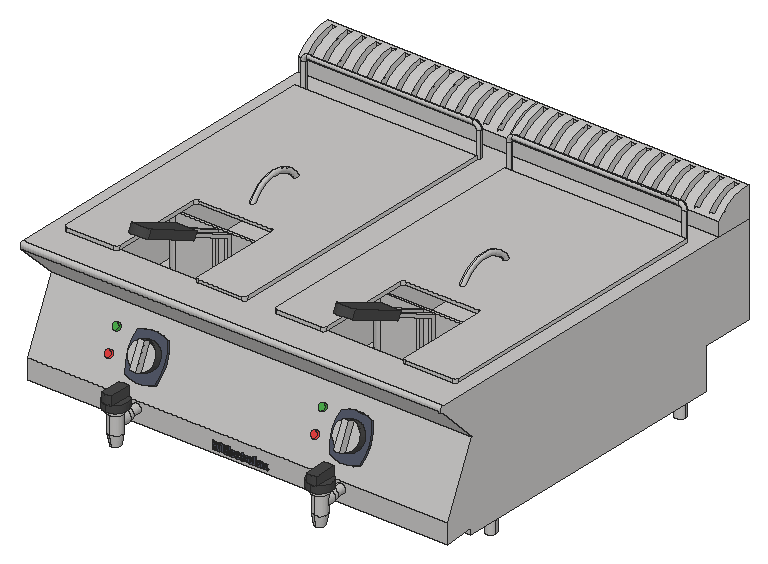
Revit family "QF_ELECTROLUXPROFESSIONAL_371076_E7FREH2B00", category Specialty Equipment, Revit 2018 (continued)
Automatic sketch dimensions
  Extrusion 30 sketch curve to Extrusion 30 sketch curve = 57.15 mm
  plane 1 "BACK" to Extrusion 31 sketch curve = 6.761 mm
  plane 3 "LEFT" to Extrusion 31 sketch curve = 50.591 mm
  Extrusion 31 sketch curve to Extrusion 31 sketch curve = 9.296 mm
  Extrusion 31 sketch curve to Extrusion 31 sketch curve = 57.15 mm
  plane 1 "BACK" to Extrusion 32 sketch curve = 6.761 mm
  plane 3 "LEFT" to Extrusion 32 sketch curve = 78.433 mm
  Extrusion 32 sketch curve to Extrusion 32 sketch curve = 9.296 mm
  Extrusion 32 sketch curve to Extrusion 32 sketch curve = 57.15 mm
  plane 1 "BACK" to Extrusion 33 sketch curve = 6.761 mm
  plane 3 "LEFT" to Extrusion 33 sketch curve = 106.275 mm
  Extrusion 33 sketch curve to Extrusion 33 sketch curve = 9.296 mm
  Extrusion 33 sketch curve to Extrusion 33 sketch curve = 57.15 mm
  plane 1 "BACK" to Extrusion 34 sketch curve = 6.761 mm
  plane 3 "LEFT" to Extrusion 34 sketch curve = 134.118 mm
  Extrusion 34 sketch curve to Extrusion 34 sketch curve = 9.296 mm
  Extrusion 34 sketch curve to Extrusion 34 sketch curve = 57.15 mm
  plane 1 "BACK" to Extrusion 35 sketch curve = 6.761 mm
  plane 3 "LEFT" to Extrusion 35 sketch curve = 161.96 mm
  Extrusion 35 sketch curve to Extrusion 35 sketch curve = 9.296 mm
  Extrusion 35 sketch curve to Extrusion 35 sketch curve = 57.15 mm
  plane 1 "BACK" to Extrusion 36 sketch curve = 6.761 mm
  plane 3 "LEFT" to Extrusion 36 sketch curve = 189.802 mm
  Extrusion 36 sketch curve to Extrusion 36 sketch curve = 9.296 mm
  Extrusion 36 sketch curve to Extrusion 36 sketch curve = 57.15 mm
  plane 1 "BACK" to Extrusion 37 sketch curve = 6.761 mm
  Extrusion 37 sketch curve to plane 7 "Center Y" = 182.405 mm
  Extrusion 37 sketch curve to Extrusion 37 sketch curve = 9.296 mm
  Extrusion 37 sketch curve to Extrusion 37 sketch curve = 57.15 mm
  plane 1 "BACK" to Extrusion 38 sketch curve = 6.761 mm
  Extrusion 38 sketch curve to plane 7 "Center Y" = 154.563 mm
  Extrusion 38 sketch curve to Extrusion 38 sketch curve = 9.296 mm
  Extrusion 38 sketch curve to Extrusion 38 sketch curve = 57.15 mm
  plane 1 "BACK" to Extrusion 39 sketch curve = 6.761 mm
  Extrusion 39 sketch curve to plane 7 "Center Y" = 126.721 mm
  Extrusion 39 sketch curve to Extrusion 39 sketch curve = 9.296 mm
  Extrusion 39 sketch curve to Extrusion 39 sketch curve = 57.15 mm
  plane 1 "BACK" to Extrusion 40 sketch curve = 6.761 mm
  Extrusion 40 sketch curve to plane 7 "Center Y" = 98.878 mm
  Extrusion 40 sketch curve to Extrusion 40 sketch curve = 9.296 mm
  Extrusion 40 sketch curve to Extrusion 40 sketch curve = 57.15 mm
  plane 1 "BACK" to Extrusion 41 sketch curve = 6.761 mm
  Extrusion 41 sketch curve to plane 7 "Center Y" = 71.036 mm
  Extrusion 41 sketch curve to Extrusion 41 sketch curve = 9.296 mm
  Extrusion 41 sketch curve to Extrusion 41 sketch curve = 57.15 mm
  plane 1 "BACK" to Extrusion 42 sketch curve = 6.761 mm
  Extrusion 42 sketch curve to plane 7 "Center Y" = 43.194 mm
  Extrusion 42 sketch curve to Extrusion 42 sketch curve = 9.296 mm
  Extrusion 42 sketch curve to Extrusion 42 sketch curve = 57.15 mm
  Extrusion 44 sketch curve to plane 1 "BACK" = 6.761 mm
  Extrusion 44 sketch curve to plane 7 "Center Y" = 15.351 mm
  Extrusion 44 sketch curve to Extrusion 44 sketch curve = 9.296 mm
  Extrusion 44 sketch curve to Extrusion 44 sketch curve = 57.15 mm
  Extrusion 51 sketch curve to plane 1 "BACK" = 6.761 mm
  Extrusion 51 sketch curve to plane 7 "Center Y" = 182.405 mm
  Extrusion 51 sketch curve to Extrusion 51 sketch curve = 9.296 mm
  Extrusion 51 sketch curve to Extrusion 51 sketch curve = 57.15 mm
  Extrusion 52 sketch curve to plane 1 "BACK" = 6.761 mm
  Extrusion 52 sketch curve to plane 7 "Center Y" = 154.563 mm
  Extrusion 52 sketch curve to Extrusion 52 sketch curve = 9.296 mm
  Extrusion 52 sketch curve to Extrusion 52 sketch curve = 57.15 mm
  Extrusion 53 sketch curve to plane 1 "BACK" = 6.761 mm
  Extrusion 53 sketch curve to plane 7 "Center Y" = 126.721 mm
  Extrusion 53 sketch curve to Extrusion 53 sketch curve = 9.296 mm
  Extrusion 53 sketch curve to Extrusion 53 sketch curve = 57.15 mm
  Extrusion 54 sketch curve to plane 1 "BACK" = 6.761 mm
  Extrusion 54 sketch curve to plane 7 "Center Y" = 98.878 mm
  Extrusion 54 sketch curve to Extrusion 54 sketch curve = 9.296 mm
  Extrusion 54 sketch curve to Extrusion 54 sketch curve = 57.15 mm
  Extrusion 55 sketch curve to plane 1 "BACK" = 6.761 mm
  Extrusion 55 sketch curve to plane 7 "Center Y" = 71.036 mm
  Extrusion 55 sketch curve to Extrusion 55 sketch curve = 9.296 mm
  Extrusion 55 sketch curve to Extrusion 55 sketch curve = 57.15 mm
  Extrusion 56 sketch curve to plane 1 "BACK" = 6.761 mm
  Extrusion 56 sketch curve to plane 7 "Center Y" = 43.194 mm
  Extrusion 56 sketch curve to Extrusion 56 sketch curve = 9.296 mm
  Extrusion 56 sketch curve to Extrusion 56 sketch curve = 57.15 mm
  plane 7 "Center Y" to Extrusion 57 sketch curve = 1.588 mm
  Extrusion 57 sketch curve to plane 7 "Center Y" = 1.587 mm
  Extrusion 57 sketch curve to plane 1 "BACK" = 0 mm
  Extrusion 57 sketch curve to Extrusion 57 sketch curve = 69.85 mm
  Extrusion 1 sketch curve to plane 10 "TOP A" = 0 mm
  Extrusion 1 sketch curve to plane 9 "BASE" = 0 mm
  Extrusion 1 sketch curve to plane 1 "BACK" = 0 mm
  Extrusion 1 sketch curve to plane 12 = 46.038 mm
  plane 11 to Extrusion 1 sketch curve = 59.531 mm
  plane 9 "BASE" to Extrusion 1 sketch curve = 12.7 mm
  plane 11 to Extrusion 1 sketch curve = 62.516 mm
  Extrusion 1 sketch curve to plane 5 "FRONT" = 16.478 mm
  Extrusion 1 sketch curve to plane 5 "FRONT" = 4.973 mm
  Extrusion 1 sketch curve to plane 5 "FRONT" = 0.483 mm
  plane 9 "BASE" to Extrusion 1 sketch curve = 7.09 mm
  Extrusion 1 sketch curve to Extrusion 1 sketch curve = 38.1 mm
  plane 9 "BASE" to Extrusion 1 sketch curve = 77.788 mm
  Extrusion 1 sketch curve to plane 10 "TOP A" = 83.191 mm
  Extrusion 1 sketch curve to plane 10 "TOP A" = 10.84 mm
  Extrusion 2 sketch curve to plane 10 "TOP A" = 0 mm
  Extrusion 2 sketch curve to plane 1 "BACK" = 0 mm
  Extrusion 2 sketch curve to plane 6 "TOP" = 0 mm
  plane 1 "BACK" to Extrusion 2 sketch curve = 1.769 mm
  plane 10 "TOP A" to Extrusion 2 sketch curve = 25.4 mm
  plane 1 "BACK" to Extrusion 2 sketch curve = 69.85 mm
  plane 12 to Extrusion 3 sketch curve = 0.124 mm  (x2)
  Extrusion 3 sketch curve to plane 4 "RIGHT" = 33.338 mm
  plane 7 "Center Y" to Extrusion 3 sketch curve = 26.988 mm
  Extrusion 3 sketch curve to plane 7 "Center Y" = 26.988 mm
  plane 3 "LEFT" to Extrusion 3 sketch curve = 33.338 mm
  plane 11 to Extrusion 3 sketch curve = 57.877 mm
  Extrusion 3 sketch curve to Extrusion 3 sketch curve = 0 mm
  plane 11 to Extrusion 5 sketch curve = 0 mm  (x2)
  plane 12 to Extrusion 5 sketch curve = 0 mm  (x2)
  plane 3 "LEFT" to Extrusion 5 sketch curve = 11.112 mm  (x2)
  Extrusion 5 sketch curve to plane 4 "RIGHT" = 11.113 mm  (x2)
  Extrusion 6 sketch curve to Extrusion 1 = 31.333 mm  (x4)
  Extrusion 6 sketch curve to Extrusion 6 sketch curve = 12.3 mm  (x6)
  Extrusion 6 sketch curve to Extrusion 6 sketch curve = 34.925 mm  (x4)
  Extrusion 1 to Extrusion 6 sketch curve = 44.467 mm  (x2)
  Extrusion 1 to Extrusion 6 sketch curve = 151.335 mm
  Extrusion 6 sketch curve to Extrusion 6 sketch curve = 25.727 mm  (x4)
  Extrusion 6 sketch curve to Extrusion 6 sketch curve = 28.575 mm  (x2)
  Extrusion 1 to Extrusion 6 sketch curve = 259.942 mm
  Extrusion 7 sketch curve to Extrusion 7 sketch curve = 0 mm
  Extrusion 7 sketch curve to Extrusion 7 sketch curve = 388.937 mm
  Extrusion 8 sketch curve to Extrusion 8 sketch curve = 24.732 mm  (x2)
  Extrusion 8 sketch curve to Extrusion 8 sketch curve = 0 mm  (x2)
  Extrusion 1 to Extrusion 9 sketch curve = 39.678 mm  (x2)
  Extrusion 1 to Extrusion 9 sketch curve = 269.515 mm
  Extrusion 1 to Extrusion 9 sketch curve = 138.473 mm
  Extrusion 10 sketch curve to Extrusion 1 = 50.809 mm  (x2)
  Extrusion 1 to Extrusion 10 sketch curve = 269.515 mm
  Extrusion 1 to Extrusion 10 sketch curve = 138.473 mm
  Revolve 11 sketch curve to plane 9 "BASE" = 8.123 mm
  plane 5 "FRONT" to Revolve 11 sketch curve = 32.926 mm
  Revolve 11 sketch curve to Revolve 11 sketch curve = 0 mm
  Revolve 11 sketch curve to Revolve 11 sketch curve = 9.009 mm
  plane 5 "FRONT" to Revolve 11 sketch curve = 20.301 mm
  Revolve 11 sketch curve to Revolve 11 sketch curve = 3.277 mm
  Revolve 11 sketch curve to Revolve 11 sketch curve = 6.35 mm
  plane 9 "BASE" to Revolve 11 sketch curve = 12.388 mm
  Revolve 11 sketch curve to Revolve 11 sketch curve = 36.341 mm
  Revolve 11 sketch curve to Revolve 11 sketch curve = 7.879 mm
  Revolve 11 sketch curve to Revolve 11 sketch curve = 12.7 mm  (x2)
  Revolve 11 sketch curve to Revolve 11 sketch curve = 15.064 mm
  plane 5 "FRONT" to Revolve 12 sketch curve = 34.322 mm
  plane 5 "FRONT" to Revolve 12 sketch curve = 12.357 mm
  plane 5 "FRONT" to Revolve 12 sketch curve = 3.364 mm
  Revolve 12 sketch curve to plane 5 "FRONT" = 16.478 mm
  Revolve 12 sketch curve to Revolve 12 sketch curve = 0 mm  (x2)
  Revolve 12 sketch curve to Revolve 12 sketch curve = 9.137 mm
  plane 9 "BASE" to Revolve 12 sketch curve = 19.447 mm
  Revolve 12 sketch curve to Revolve 12 sketch curve = 1.702 mm
  Revolve 12 sketch curve to Revolve 12 sketch curve = 2.047 mm
  Revolve 12 sketch curve to Revolve 12 sketch curve = 12.303 mm
  Revolve 13 sketch curve to plane 9 "BASE" = 8.123 mm
  plane 5 "FRONT" to Revolve 13 sketch curve = 32.926 mm
  Revolve 13 sketch curve to Revolve 13 sketch curve = 0 mm
  Revolve 13 sketch curve to Revolve 13 sketch curve = 9.009 mm
  plane 5 "FRONT" to Revolve 13 sketch curve = 20.301 mm
  Revolve 13 sketch curve to Revolve 13 sketch curve = 3.277 mm
  Revolve 13 sketch curve to Revolve 13 sketch curve = 6.35 mm
  plane 9 "BASE" to Revolve 13 sketch curve = 12.388 mm
  Revolve 13 sketch curve to Revolve 13 sketch curve = 36.341 mm
  Revolve 13 sketch curve to Revolve 13 sketch curve = 7.879 mm
  Revolve 13 sketch curve to Revolve 13 sketch curve = 12.7 mm  (x2)
  Revolve 13 sketch curve to Revolve 13 sketch curve = 15.064 mm
  plane 5 "FRONT" to Revolve 14 sketch curve = 34.322 mm
  plane 5 "FRONT" to Revolve 14 sketch curve = 12.357 mm
  plane 5 "FRONT" to Revolve 14 sketch curve = 3.364 mm
  Revolve 14 sketch curve to plane 5 "FRONT" = 16.478 mm
  Revolve 14 sketch curve to Revolve 14 sketch curve = 0 mm  (x2)
  Revolve 14 sketch curve to Revolve 14 sketch curve = 9.137 mm
  plane 9 "BASE" to Revolve 14 sketch curve = 19.447 mm
  Revolve 14 sketch curve to Revolve 14 sketch curve = 1.702 mm
  Revolve 14 sketch curve to Revolve 14 sketch curve = 2.047 mm
  Revolve 14 sketch curve to Revolve 14 sketch curve = 12.303 mm
  Extrusion 15 sketch curve to Extrusion 15 sketch curve = 0 mm  (x5)
  Extrusion 15 sketch curve to Extrusion 15 sketch curve = 20.063 mm  (x2)
  Revolve 11 to Extrusion 15 sketch curve = 9.626 mm
  Extrusion 15 sketch curve to Revolve 11 = 9.626 mm
  Extrusion 15 sketch curve to Extrusion 15 sketch curve = 369.686 mm
  Extrusion 15 sketch curve to Extrusion 15 sketch curve = 9.626 mm
  Extrusion 1 to Extrusion 16 sketch curve = 33.906 mm
  plane 1 "BACK" to Extrusion 17 sketch curve = 0 mm
  Extrusion 17 sketch curve to plane 3 "LEFT" = 0 mm
  Extrusion 17 sketch curve to plane 4 "RIGHT" = 0 mm
  Extrusion 17 sketch curve to plane 3 "LEFT" = 150.019 mm
  plane 5 "FRONT" to Extrusion 17 sketch curve = 1.377 mm  (x2)
  plane 4 "RIGHT" to Extrusion 17 sketch curve = 150.019 mm
  Extrusion 17 sketch curve to plane 1 "BACK" = 150.019 mm
  curve 7 to plane 4 "RIGHT" = 0 mm
  plane 5 "FRONT" to curve 93 = 0 mm
  curve 6 to plane 3 "LEFT" = 0 mm
  plane 1 "BACK" to curve 4 = 0 mm
  plane 4 "RIGHT" to curve 3 = 150.019 mm
  curve 134 to plane 4 "RIGHT" = 13.453 mm
  curve 134 to curve 133 = 9.296 mm
  curve 43 to plane 4 "RIGHT" = 26.988 mm
  curve 44 to curve 45 = 6.35 mm
  curve 43 to curve 81 = 10.61 mm
  curve 140 to curve 139 = 9.296 mm
  curve 143 to curve 142 = 9.296 mm
  curve 142 to curve 146 = 18.547 mm
  curve 146 to curve 145 = 9.296 mm
  curve 45 to curve 46 = 88.9 mm
  curve 145 to curve 149 = 18.547 mm
  curve 46 to curve 61 = 6.35 mm
  curve 149 to curve 150 = 9.296 mm
  curve 47 to curve 48 = 6.35 mm
  plane 1 "BACK" to curve 153 = 6.761 mm
  curve 148 to curve 153 = 18.547 mm
  curve 152 to curve 151 = 9.296 mm
  plane 1 "BACK" to curve 156 = 6.761 mm
  curve 151 to curve 156 = 18.547 mm
  curve 47 to curve 67 = 54.879 mm
  curve 60 to curve 67 = 0 mm  (x2)
  curve 59 to plane 11 = 5.711 mm
  curve 47 to curve 59 = 58.32 mm
  curve 155 to curve 156 = 9.296 mm
  curve 48 to curve 64 = 56.049 mm
  plane 5 "FRONT" to curve 93 = 13.586 mm
  curve 60 to curve 93 = 8.46 mm
  curve 48 to curve 68 = 60.633 mm
  curve 93 to curve 90 = 1.381 mm
  curve 64 to curve 63 = 5.857 mm
  curve 68 to curve 70 = 4.449 mm
  curve 67 to curve 67 = 18.617 mm
  curve 90 to curve 89 = 9.626 mm
  plane 1 "BACK" to curve 159 = 6.761 mm
  curve 156 to curve 159 = 18.547 mm
  curve 63 to curve 66 = 17.363 mm
  curve 88 to curve 91 = 9.626 mm
  curve 91 to curve 92 = 1.488 mm
  curve 158 to curve 157 = 9.296 mm
  curve 66 to curve 65 = 5.857 mm
  curve 60 to curve 57 = 18.617 mm
  plane 1 "BACK" to curve 161 = 6.761 mm
  curve 157 to curve 161 = 18.547 mm
  curve 161 to curve 162 = 9.296 mm
  plane 1 "BACK" to curve 165 = 6.761 mm
  curve 160 to curve 165 = 18.547 mm
  curve 65 to curve 50 = 51.399 mm
  curve 164 to curve 163 = 9.296 mm
  curve 50 to curve 50 = 6.35 mm
  curve 51 to curve 52 = 6.35 mm
  plane 1 "BACK" to curve 168 = 6.761 mm
  curve 163 to curve 168 = 18.547 mm
  curve 167 to curve 166 = 9.296 mm
  plane 1 "BACK" to curve 171 = 6.761 mm
  curve 166 to curve 171 = 18.547 mm
  curve 170 to curve 169 = 9.296 mm
  curve 169 to curve 173 = 18.547 mm
  plane 7 "Center Y" to curve 53 = 33.338 mm
  plane 7 "Center Y" to curve 80 = 28.891 mm
  curve 54 to curve 55 = 6.35 mm
  curve 172 to curve 137 = 18.547 mm
  curve 137 to curve 136 = 9.296 mm
  plane 1 "BACK" to curve 94 = 6.761 mm
  curve 94 to plane 7 "Center Y" = 15.351 mm
  curve 94 to curve 95 = 9.296 mm
  curve 23 to plane 7 "Center Y" = 26.988 mm
  curve 23 to curve 76 = 1.903 mm
  curve 22 to curve 22 = 6.35 mm
  plane 1 "BACK" to curve 132 = 6.761 mm
  curve 95 to curve 132 = 18.547 mm
  plane 1 "BACK" to curve 129 = 6.761 mm
  curve 131 to curve 129 = 18.547 mm
  plane 1 "BACK" to curve 126 = 6.761 mm
  curve 128 to curve 126 = 18.547 mm
  curve 124 to curve 125 = 9.296 mm
  curve 22 to curve 20 = 82.55 mm
  curve 41 to plane 7 "Center Y" = 122.238 mm
  plane 1 "BACK" to curve 123 = 6.761 mm
  curve 125 to curve 123 = 18.547 mm
  curve 18 to curve 17 = 6.35 mm
  curve 121 to curve 122 = 9.296 mm
  plane 1 "BACK" to curve 118 = 6.761 mm
  curve 122 to curve 118 = 18.547 mm
  curve 118 to curve 119 = 9.296 mm
  curve 19 to curve 31 = 53.67 mm
  curve 26 to curve 34 = 4.079 mm
  plane 1 "BACK" to curve 117 = 6.761 mm
  curve 119 to curve 117 = 18.547 mm
  curve 26 to curve 86 = 6.654 mm
  curve 86 to curve 85 = 1.488 mm
  curve 34 to curve 35 = 5.857 mm
  curve 115 to curve 117 = 9.296 mm
  curve 85 to curve 82 = 9.626 mm
  curve 36 to curve 36 = 18.617 mm
  curve 29 to curve 36 = 0 mm
  plane 8 "Center X" to curve 38 = 38.031 mm
  curve 18 to curve 38 = 66.994 mm
  curve 40 to curve 40 = 4.449 mm
  curve 35 to curve 32 = 17.363 mm
  curve 82 to curve 84 = 9.626 mm
  curve 84 to curve 87 = 1.381 mm
  curve 32 to curve 33 = 5.857 mm
  curve 116 to curve 112 = 18.547 mm
  curve 29 to curve 36 = 18.617 mm
  curve 36 to curve 36 = 3.442 mm
  curve 36 to curve 29 = 3.442 mm
  curve 109 to curve 110 = 9.296 mm
  curve 33 to curve 16 = 56.049 mm
  curve 110 to curve 106 = 18.547 mm
  curve 30 to curve 14 = 58.32 mm
  curve 106 to curve 107 = 9.296 mm
  curve 15 to curve 14 = 6.35 mm
  plane 1 "BACK" to curve 105 = 6.761 mm
  curve 107 to curve 105 = 18.547 mm
  curve 103 to curve 104 = 9.296 mm
  plane 1 "BACK" to curve 102 = 6.761 mm
  curve 104 to curve 102 = 18.547 mm
  curve 100 to curve 101 = 9.296 mm
  plane 1 "BACK" to curve 99 = 6.761 mm
  curve 101 to curve 99 = 18.547 mm
  curve 97 to curve 98 = 9.296 mm
  curve 98 to curve 75 = 3.697 mm
  plane 3 "LEFT" to curve 13 = 33.338 mm
  curve 75 to curve 24 = 10.61 mm
  plane 1 "BACK" to curve 8 = 6.761 mm
  curve 98 to curve 8 = 18.547 mm
  curve 8 to curve 9 = 9.296 mm
  plane 5 "FRONT" to curve 1 = 1.377 mm
  curve 1 to plane 3 "LEFT" = 150.019 mm
  curve 1 to plane 1 "BACK" = 150.019 mm
  plane 1 "BACK" to curve 174 = 6.761 mm
  plane 1 "BACK" to curve 150 = 6.761 mm
  plane 1 "BACK" to curve 147 = 6.761 mm
  plane 1 "BACK" to curve 144 = 6.761 mm
  plane 1 "BACK" to curve 141 = 6.761 mm
  plane 1 "BACK" to curve 138 = 6.761 mm
  plane 1 "BACK" to curve 135 = 6.761 mm
  plane 1 "BACK" to curve 114 = 6.761 mm
  plane 1 "BACK" to curve 111 = 6.761 mm
  plane 1 "BACK" to curve 108 = 6.761 mm
  curve 8 to curve 8 = 57.15 mm
  curve 113 to curve 113 = 57.15 mm
  curve 112 to curve 115 = 0 mm
  curve 115 to curve 118 = 0 mm
  curve 130 to curve 94 = 0 mm
  curve 134 to curve 177 = 5.939 mm
  curve 137 to curve 78 = 36.504 mm
  curve 95 to curve 74 = 36.504 mm
  curve 78 to curve 79 = 7.655 mm
  curve 74 to curve 77 = 7.655 mm
  curve 75 to curve 24 = 4.767 mm
  curve 79 to curve 55 = 4.767 mm
  plane 8 "Center X" to curve 71 = 38.031 mm
  curve 70 to plane 8 "Center X" = 63.432 mm
  curve 39 to plane 8 "Center X" = 63.432 mm
  curve 38 to curve 18 = 46.229 mm
  curve 69 to curve 49 = 46.229 mm
  curve 50 to curve 72 = 22.324 mm
  curve 16 to curve 41 = 22.324 mm
  curve 16 to curve 32 = 25.499 mm
  curve 48 to curve 64 = 25.499 mm
  curve 32 to plane 11 = 5.711 mm
  plane 11 to curve 11 = 57.877 mm
  plane 11 to curve 62 = 57.877 mm
  plane 11 to curve 46 = 57.877 mm
  curve 30 to curve 31 = 0 mm
  curve 61 to curve 67 = 33.188 mm
  curve 30 to curve 36 = 33.188 mm
  curve 67 to curve 60 = 6.713 mm  (x2)
  curve 36 to curve 29 = 6.713 mm
  curve 60 to curve 67 = 4.011 mm
  curve 29 to curve 36 = 4.011 mm
  curve 36 to curve 28 = 6.713 mm
  plane 5 "FRONT" to curve 3 = 1.377 mm
  plane 5 "FRONT" to curve 83 = 10.673 mm
  curve 89 to curve 93 = 2.913 mm
  curve 82 to curve 85 = 2.19 mm
  Extrusion 18 sketch curve to plane 4 "RIGHT" = 26.988 mm
  Extrusion 18 sketch curve to Extrusion 18 sketch curve = 6.35 mm  (x8)
  Extrusion 18 sketch curve to Extrusion 18 sketch curve = 88.9 mm
  Extrusion 18 sketch curve to plane 4 "RIGHT" = 128.588 mm
  plane 7 "Center Y" to Extrusion 18 sketch curve = 128.588 mm
  plane 11 to Extrusion 18 sketch curve = 57.877 mm  (x4)
  plane 7 "Center Y" to Extrusion 18 sketch curve = 122.238 mm
  plane 7 "Center Y" to Extrusion 18 sketch curve = 33.338 mm
  Extrusion 18 sketch curve to plane 7 "Center Y" = 26.988 mm
  Extrusion 18 sketch curve to Extrusion 18 sketch curve = 82.55 mm
  plane 3 "LEFT" to Extrusion 18 sketch curve = 134.938 mm
  plane 3 "LEFT" to Extrusion 18 sketch curve = 128.588 mm
  plane 3 "LEFT" to Extrusion 18 sketch curve = 33.338 mm
  plane 3 "LEFT" to Extrusion 18 sketch curve = 26.988 mm
  Extrusion 18 sketch curve to plane 8 "Center X" = 116.012 mm  (x2)
  Extrusion 18 sketch curve to plane 12 = 34.801 mm  (x2)
  Sweep 19 sketch curve to plane 10 "TOP A" = 0 mm  (x2)
  Sweep 19 sketch curve to plane 6 "TOP" = 9.525 mm
  plane 3 "LEFT" to Sweep 19 sketch curve = 39.688 mm
  Sweep 19 sketch curve to Sweep 19 sketch curve = 6.35 mm  (x2)
  Sweep 19 sketch curve to plane 7 "Center Y" = 37.331 mm
  Sweep 19 sketch curve to profile plane = 2.09 mm
  profile plane to Sweep 19 sketch curve = 140.754 mm
  Extrusion 26 sketch curve to Extrusion 26 sketch curve = 0 mm  (x16)
  Extrusion 26 sketch curve to plane 4 "RIGHT" = 91.225 mm
  Extrusion 26 sketch curve to Extrusion 26 sketch curve = 3.175 mm  (x2)
  Extrusion 26 sketch curve to Extrusion 26 sketch curve = 22.225 mm  (x6)
  plane 7 "Center Y" to Extrusion 26 sketch curve = 105.625 mm  (x2)
  plane 12 to Extrusion 26 sketch curve = 44.673 mm
  Extrusion 26 sketch curve to plane 7 "Center Y" = 80.225 mm
  plane 3 "LEFT" to Extrusion 26 sketch curve = 116.625 mm  (x2)
  plane 12 to Extrusion 26 sketch curve = 41.498 mm
  Extrusion 26 sketch curve to plane 8 "Center X" = 116.11 mm  (x2)
  Sweep 29 sketch curve to plane 10 "TOP A" = 0 mm  (x2)
  Sweep 29 sketch curve to plane 6 "TOP" = 9.525 mm
  Sweep 29 sketch curve to plane 4 "RIGHT" = 39.688 mm
  Sweep 29 sketch curve to Sweep 29 sketch curve = 6.35 mm  (x2)
  plane 7 "Center Y" to Sweep 29 sketch curve = 37.331 mm
  profile plane to Sweep 29 sketch curve = 2.09 mm
  profile plane to Sweep 29 sketch curve = 140.754 mm
  Extrusion 43 sketch curve to plane 1 "BACK" = 6.761 mm
  plane 4 "RIGHT" to Extrusion 43 sketch curve = 22.749 mm
  Extrusion 43 sketch curve to Extrusion 43 sketch curve = 9.296 mm
  Extrusion 43 sketch curve to Extrusion 43 sketch curve = 57.15 mm
  Extrusion 45 sketch curve to plane 1 "BACK" = 6.761 mm
  plane 4 "RIGHT" to Extrusion 45 sketch curve = 50.591 mm
  Extrusion 45 sketch curve to Extrusion 45 sketch curve = 9.296 mm
  Extrusion 45 sketch curve to Extrusion 45 sketch curve = 57.15 mm
  Extrusion 46 sketch curve to plane 1 "BACK" = 6.761 mm
  plane 4 "RIGHT" to Extrusion 46 sketch curve = 78.433 mm
  Extrusion 46 sketch curve to Extrusion 46 sketch curve = 9.296 mm
  Extrusion 46 sketch curve to Extrusion 46 sketch curve = 57.15 mm
  Extrusion 47 sketch curve to plane 1 "BACK" = 6.761 mm
  plane 4 "RIGHT" to Extrusion 47 sketch curve = 106.275 mm
  Extrusion 47 sketch curve to Extrusion 47 sketch curve = 9.296 mm
  Extrusion 47 sketch curve to Extrusion 47 sketch curve = 57.15 mm
  Extrusion 48 sketch curve to plane 1 "BACK" = 6.761 mm
  plane 4 "RIGHT" to Extrusion 48 sketch curve = 134.118 mm
  Extrusion 48 sketch curve to Extrusion 48 sketch curve = 9.296 mm
  Extrusion 48 sketch curve to Extrusion 48 sketch curve = 57.15 mm
  Extrusion 49 sketch curve to plane 1 "BACK" = 6.761 mm
  plane 4 "RIGHT" to Extrusion 49 sketch curve = 161.96 mm
  Extrusion 49 sketch curve to Extrusion 49 sketch curve = 9.296 mm
  Extrusion 49 sketch curve to Extrusion 49 sketch curve = 57.15 mm
  Extrusion 50 sketch curve to plane 1 "BACK" = 6.761 mm
  plane 4 "RIGHT" to Extrusion 50 sketch curve = 189.802 mm
  Extrusion 50 sketch curve to Extrusion 50 sketch curve = 9.296 mm
  Extrusion 50 sketch curve to Extrusion 50 sketch curve = 57.15 mm
  plane 7 "Center Y" to curve 175 = 1.587 mm
  curve 176 to plane 7 "Center Y" = 1.588 mm
  curve 176 to curve 175 = 0 mm
  plane 3 "LEFT" to curve 178 = 13.453 mm
  curve 178 to curve 178 = 9.296 mm
  curve 178 to curve 180 = 18.547 mm
  curve 180 to curve 180 = 9.296 mm
  curve 180 to curve 181 = 18.547 mm
  curve 181 to curve 181 = 9.296 mm
  curve 181 to curve 182 = 18.547 mm
  curve 182 to curve 182 = 9.296 mm
  curve 182 to curve 183 = 18.547 mm
  curve 183 to curve 183 = 9.296 mm
  curve 183 to curve 184 = 18.547 mm
  curve 184 to curve 184 = 9.296 mm
  curve 184 to curve 185 = 18.547 mm
  curve 185 to curve 185 = 9.296 mm
  curve 185 to curve 186 = 18.547 mm
  curve 186 to curve 186 = 9.296 mm
  curve 186 to curve 187 = 18.547 mm
  curve 187 to curve 187 = 9.296 mm
  curve 187 to curve 188 = 18.547 mm
  curve 188 to curve 188 = 9.296 mm
  curve 188 to curve 189 = 18.547 mm
  curve 189 to curve 189 = 9.296 mm
  curve 189 to curve 190 = 18.547 mm
  curve 190 to curve 190 = 9.296 mm
  curve 190 to curve 191 = 18.547 mm
  curve 191 to curve 191 = 9.296 mm
  curve 191 to curve 179 = 18.547 mm
  curve 179 to curve 179 = 9.296 mm
  plane 7 "Center Y" to curve 193 = 15.351 mm
  curve 193 to curve 193 = 9.296 mm
  curve 193 to curve 205 = 18.547 mm
  curve 205 to curve 205 = 9.296 mm
  curve 205 to curve 204 = 18.547 mm
  curve 204 to curve 204 = 9.296 mm
  curve 204 to curve 203 = 18.547 mm
  curve 203 to curve 203 = 9.296 mm
  curve 203 to curve 202 = 18.547 mm
  curve 202 to curve 202 = 9.296 mm
  curve 202 to curve 201 = 18.547 mm
  curve 201 to curve 201 = 9.296 mm
  curve 201 to curve 200 = 18.547 mm
  curve 200 to curve 200 = 9.296 mm
  curve 200 to curve 199 = 18.547 mm
  curve 199 to curve 199 = 9.296 mm
  curve 199 to curve 198 = 18.547 mm
  curve 198 to curve 198 = 9.296 mm
  curve 198 to curve 197 = 18.547 mm
  curve 197 to curve 197 = 9.296 mm
  curve 197 to curve 196 = 18.547 mm
  curve 196 to curve 196 = 9.296 mm
  curve 196 to curve 195 = 18.547 mm
  curve 195 to curve 195 = 9.296 mm
  curve 195 to curve 194 = 18.547 mm
  curve 194 to curve 194 = 9.296 mm
  curve 194 to curve 192 = 18.547 mm
  curve 192 to curve 192 = 9.296 mm
  plane 1 "BACK" to curve 178 = 63.911 mm
  plane 1 "BACK" to curve 179 = 63.911 mm
  curve 178 to curve 180 = 0 mm
  curve 180 to curve 181 = 0 mm
  curve 181 to curve 182 = 0 mm
  curve 182 to curve 183 = 0 mm
  curve 183 to curve 184 = 0 mm
  curve 184 to curve 185 = 0 mm
  curve 185 to curve 186 = 0 mm
  curve 186 to curve 187 = 0 mm
  curve 187 to curve 188 = 0 mm
  curve 188 to curve 189 = 0 mm
  curve 189 to curve 190 = 0 mm
  curve 190 to curve 191 = 0 mm
  plane 1 "BACK" to curve 192 = 63.911 mm
  curve 179 to curve 193 = 0 mm
  curve 194 to curve 192 = 0 mm
  curve 195 to curve 194 = 0 mm
  curve 196 to curve 195 = 0 mm
  curve 197 to curve 196 = 0 mm
  curve 198 to curve 197 = 0 mm
  curve 199 to curve 198 = 0 mm
  curve 200 to curve 199 = 0 mm
  curve 201 to curve 200 = 0 mm
  curve 202 to curve 201 = 0 mm
  curve 203 to curve 202 = 0 mm
  curve 204 to curve 203 = 0 mm
  curve 205 to curve 204 = 0 mm
  curve 133 to curve 140 = 18.547 mm
  curve 139 to curve 144 = 18.547 mm
  curve 173 to curve 172 = 9.296 mm
  curve 130 to curve 131 = 9.296 mm
  curve 127 to curve 129 = 9.296 mm
  curve 112 to curve 113 = 9.296 mm
  curve 113 to curve 109 = 18.547 mm
  curve 124 to curve 124 = 57.15 mm
  curve 125 to curve 124 = 0 mm
  curve 124 to curve 127 = 0 mm
  curve 128 to curve 127 = 0 mm
  curve 122 to curve 125 = 0 mm
  curve 122 to curve 121 = 0 mm
  curve 127 to curve 130 = 0 mm
  curve 131 to curve 130 = 0 mm
  curve 133 to curve 133 = 57.15 mm
  curve 133 to curve 134 = 0 mm
  curve 119 to curve 122 = 0 mm
  curve 119 to curve 118 = 0 mm
  curve 136 to curve 175 = 5.939 mm
  curve 136 to curve 137 = 0 mm
  curve 140 to curve 133 = 0 mm
  curve 142 to curve 140 = 0 mm
  curve 116 to curve 115 = 0 mm
  curve 142 to curve 143 = 0 mm
  curve 145 to curve 142 = 0 mm
  curve 145 to curve 146 = 0 mm
  curve 148 to curve 145 = 0 mm
  curve 148 to curve 149 = 0 mm
  curve 151 to curve 148 = 0 mm
  curve 151 to curve 152 = 0 mm
  curve 154 to curve 151 = 0 mm
  curve 110 to curve 113 = 0 mm
  curve 110 to curve 109 = 0 mm
  curve 154 to curve 155 = 0 mm
  curve 95 to curve 94 = 0 mm
  curve 157 to curve 154 = 0 mm
  curve 107 to curve 110 = 0 mm
  curve 107 to curve 106 = 0 mm
  curve 157 to curve 158 = 0 mm
  curve 160 to curve 157 = 0 mm
  curve 160 to curve 161 = 0 mm
  curve 163 to curve 160 = 0 mm
  curve 104 to curve 107 = 0 mm
  curve 104 to curve 103 = 0 mm
  curve 163 to curve 164 = 0 mm
  curve 166 to curve 163 = 0 mm
  curve 166 to curve 167 = 0 mm
  curve 169 to curve 166 = 0 mm
  curve 101 to curve 104 = 0 mm
  curve 101 to curve 100 = 0 mm
  curve 169 to curve 170 = 0 mm
  curve 137 to curve 172 = 0 mm
  curve 172 to curve 173 = 0 mm
  curve 9 to curve 8 = 0 mm
  curve 8 to curve 98 = 0 mm
  curve 98 to curve 97 = 0 mm
  curve 139 to curve 140 = 0 mm
  plane 9 "BASE" to Extrusion 58 sketch curve = 9.251 mm
  plane 9 "BASE" to Extrusion 58 sketch curve = 14.292 mm
  plane 9 "BASE" to Extrusion 58 sketch curve = 14.311 mm
  Extrusion 58 sketch curve to plane 7 "Center Y" = 0.672 mm
  Extrusion 58 sketch curve to Extrusion 58 sketch curve = 0 mm  (x28)
  Extrusion 58 sketch curve to Extrusion 58 sketch curve = 5.108 mm  (x2)
  Extrusion 58 sketch curve to Extrusion 58 sketch curve = 0.054 mm
  Extrusion 58 sketch curve to Extrusion 58 sketch curve = 0.218 mm
  Extrusion 58 sketch curve to Extrusion 58 sketch curve = 0.195 mm
  Extrusion 58 sketch curve to Extrusion 58 sketch curve = 0.249 mm
  plane 9 "BASE" to Extrusion 58 sketch curve = 14.608 mm
  Extrusion 58 sketch curve to Extrusion 58 sketch curve = 0.087 mm
  Extrusion 58 sketch curve to Extrusion 58 sketch curve = 0.358 mm
  Extrusion 58 sketch curve to Extrusion 58 sketch curve = 0.481 mm
  Extrusion 58 sketch curve to Extrusion 58 sketch curve = 0.597 mm
  Extrusion 58 sketch curve to Extrusion 58 sketch curve = 0.544 mm
  Extrusion 58 sketch curve to Extrusion 58 sketch curve = 0.936 mm
  Extrusion 58 sketch curve to Extrusion 58 sketch curve = 0.594 mm
  Extrusion 58 sketch curve to Extrusion 58 sketch curve = 0.343 mm
  Extrusion 58 sketch curve to Extrusion 58 sketch curve = 0.159 mm
  Extrusion 58 sketch curve to Extrusion 58 sketch curve = 0.826 mm
  Extrusion 58 sketch curve to Extrusion 58 sketch curve = 0.839 mm
  Extrusion 58 sketch curve to Extrusion 58 sketch curve = 0.852 mm
  Extrusion 58 sketch curve to Extrusion 58 sketch curve = 0.887 mm
  Extrusion 58 sketch curve to Extrusion 58 sketch curve = 0.928 mm
  Extrusion 58 sketch curve to Extrusion 58 sketch curve = 0.938 mm
  Extrusion 58 sketch curve to Extrusion 58 sketch curve = 0.444 mm
  Extrusion 58 sketch curve to Extrusion 58 sketch curve = 1.11 mm  (x3)
  Extrusion 58 sketch curve to Extrusion 58 sketch curve = 0.215 mm
  Extrusion 58 sketch curve to Extrusion 58 sketch curve = 1.43 mm
  Extrusion 58 sketch curve to Extrusion 58 sketch curve = 1.188 mm
  Extrusion 58 sketch curve to Extrusion 58 sketch curve = 1.21 mm  (x2)
  Extrusion 58 sketch curve to Extrusion 58 sketch curve = 0.503 mm
  Extrusion 58 sketch curve to Extrusion 58 sketch curve = 0.488 mm
  Extrusion 58 sketch curve to Extrusion 58 sketch curve = 0.462 mm
  Extrusion 58 sketch curve to Extrusion 58 sketch curve = 1.386 mm
  Extrusion 58 sketch curve to Extrusion 58 sketch curve = 1.742 mm  (x2)
  Extrusion 58 sketch curve to Extrusion 58 sketch curve = 0.821 mm
  Extrusion 58 sketch curve to Extrusion 58 sketch curve = 0.497 mm
  Extrusion 58 sketch curve to Extrusion 58 sketch curve = 0.539 mm
  Extrusion 58 sketch curve to Extrusion 58 sketch curve = 0.686 mm
  Extrusion 58 sketch curve to Extrusion 58 sketch curve = 0.408 mm
  Extrusion 58 sketch curve to Extrusion 58 sketch curve = 0.743 mm
  Extrusion 58 sketch curve to Extrusion 58 sketch curve = 1.16 mm
  Extrusion 58 sketch curve to Extrusion 58 sketch curve = 0.329 mm
  Extrusion 58 sketch curve to Extrusion 58 sketch curve = 1.054 mm
  Extrusion 58 sketch curve to Extrusion 58 sketch curve = 1.056 mm
  Extrusion 58 sketch curve to Extrusion 58 sketch curve = 0.129 mm
  Extrusion 58 sketch curve to Extrusion 58 sketch curve = 0.489 mm
  Extrusion 58 sketch curve to Extrusion 58 sketch curve = 0.441 mm
  Extrusion 58 sketch curve to Extrusion 58 sketch curve = 1.151 mm
  Extrusion 58 sketch curve to Extrusion 58 sketch curve = 1.141 mm  (x2)
  Extrusion 58 sketch curve to Extrusion 58 sketch curve = 0.768 mm
  Extrusion 58 sketch curve to Extrusion 58 sketch curve = 1.653 mm
  Extrusion 58 sketch curve to Extrusion 58 sketch curve = 0.499 mm
  Extrusion 58 sketch curve to Extrusion 58 sketch curve = 0.964 mm
  Extrusion 58 sketch curve to Extrusion 58 sketch curve = 0.949 mm
  Extrusion 58 sketch curve to Extrusion 58 sketch curve = 1.345 mm  (x2)
  Extrusion 58 sketch curve to Extrusion 58 sketch curve = 1.101 mm
  Extrusion 58 sketch curve to Extrusion 58 sketch curve = 0.432 mm
  Extrusion 58 sketch curve to Extrusion 58 sketch curve = 1.142 mm
  Extrusion 58 sketch curve to Extrusion 58 sketch curve = 0.959 mm
  Extrusion 58 sketch curve to Extrusion 58 sketch curve = 0.176 mm
  Extrusion 58 sketch curve to Extrusion 58 sketch curve = 0.728 mm
  Extrusion 58 sketch curve to Extrusion 58 sketch curve = 3.375 mm  (x2)
  Extrusion 58 sketch curve to Extrusion 58 sketch curve = 0.541 mm
  Extrusion 58 sketch curve to Extrusion 58 sketch curve = 0.955 mm
  Extrusion 58 sketch curve to Extrusion 58 sketch curve = 1.251 mm
  Extrusion 58 sketch curve to Extrusion 58 sketch curve = 0.572 mm
  Extrusion 58 sketch curve to Extrusion 58 sketch curve = 1.92 mm
  Extrusion 58 sketch curve to Extrusion 58 sketch curve = 1.224 mm
  Extrusion 58 sketch curve to Extrusion 58 sketch curve = 0.745 mm
  Extrusion 58 sketch curve to plane 7 "Center Y" = 0.1 mm
  Extrusion 58 sketch curve to Extrusion 58 sketch curve = 2.537 mm
  Extrusion 58 sketch curve to Extrusion 58 sketch curve = 0.896 mm  (x3)
  Extrusion 58 sketch curve to Extrusion 58 sketch curve = 0.036 mm
  Extrusion 58 sketch curve to Extrusion 58 sketch curve = 2.607 mm
  Extrusion 58 sketch curve to Extrusion 58 sketch curve = 0.066 mm
  Extrusion 58 sketch curve to Extrusion 58 sketch curve = 0.248 mm
  Extrusion 58 sketch curve to Extrusion 58 sketch curve = 0.449 mm
  Extrusion 58 sketch curve to Extrusion 58 sketch curve = 1.052 mm
  Extrusion 58 sketch curve to Extrusion 58 sketch curve = 1.863 mm
  Extrusion 58 sketch curve to Extrusion 58 sketch curve = 1.31 mm  (x2)
  Extrusion 58 sketch curve to Extrusion 58 sketch curve = 0.901 mm
  plane 7 "Center Y" to Extrusion 58 sketch curve = 0.457 mm
  Extrusion 58 sketch curve to Extrusion 58 sketch curve = 1.107 mm
  Extrusion 58 sketch curve to Extrusion 58 sketch curve = 2.122 mm
  Extrusion 58 sketch curve to Extrusion 58 sketch curve = 2.101 mm
  Extrusion 58 sketch curve to Extrusion 58 sketch curve = 0.106 mm
  Extrusion 58 sketch curve to Extrusion 58 sketch curve = 0.029 mm
  Extrusion 58 sketch curve to Extrusion 58 sketch curve = 2.09 mm
  Extrusion 58 sketch curve to Extrusion 58 sketch curve = 1.279 mm
  Extrusion 58 sketch curve to Extrusion 58 sketch curve = 2.008 mm
  Extrusion 58 sketch curve to Extrusion 58 sketch curve = 0.738 mm
  Extrusion 58 sketch curve to Extrusion 58 sketch curve = 0.382 mm
  Extrusion 58 sketch curve to Extrusion 58 sketch curve = 0.384 mm
  Extrusion 58 sketch curve to Extrusion 58 sketch curve = 0.002 mm
  Extrusion 58 sketch curve to Extrusion 58 sketch curve = 0.561 mm
  Extrusion 58 sketch curve to Extrusion 58 sketch curve = 0.592 mm
  Extrusion 58 sketch curve to Extrusion 58 sketch curve = 2.692 mm
  Extrusion 58 sketch curve to Extrusion 58 sketch curve = 1.259 mm
  Extrusion 58 sketch curve to Extrusion 58 sketch curve = 0.802 mm
  Extrusion 58 sketch curve to Extrusion 58 sketch curve = 1.024 mm  (x2)
  Extrusion 58 sketch curve to Extrusion 58 sketch curve = 0.682 mm
  Extrusion 58 sketch curve to Extrusion 58 sketch curve = 5.934 mm
  Extrusion 58 sketch curve to Extrusion 58 sketch curve = 2.186 mm
  Extrusion 58 sketch curve to Extrusion 58 sketch curve = 0.337 mm
  Extrusion 58 sketch curve to Extrusion 58 sketch curve = 0.021 mm
  Extrusion 58 sketch curve to Extrusion 58 sketch curve = 1.005 mm
  Extrusion 58 sketch curve to Extrusion 58 sketch curve = 0.552 mm
  Extrusion 58 sketch curve to Extrusion 58 sketch curve = 0.778 mm
  Extrusion 58 sketch curve to Extrusion 58 sketch curve = 0.063 mm
  Extrusion 58 sketch curve to Extrusion 58 sketch curve = 1.023 mm
  Extrusion 58 sketch curve to Extrusion 58 sketch curve = 3.804 mm
  Extrusion 58 sketch curve to Extrusion 58 sketch curve = 0.486 mm
  Extrusion 58 sketch curve to Extrusion 58 sketch curve = 0.266 mm  (x2)
  Extrusion 58 sketch curve to Extrusion 58 sketch curve = 1.547 mm
  Extrusion 58 sketch curve to Extrusion 58 sketch curve = 0.717 mm  (x2)
  Extrusion 58 sketch curve to Extrusion 58 sketch curve = 1.667 mm
  Extrusion 58 sketch curve to Extrusion 58 sketch curve = 3.174 mm
  Extrusion 58 sketch curve to Extrusion 58 sketch curve = 0.388 mm
  Extrusion 58 sketch curve to Extrusion 58 sketch curve = 1.342 mm
  Extrusion 58 sketch curve to Extrusion 58 sketch curve = 1.521 mm
  Extrusion 58 sketch curve to Extrusion 58 sketch curve = 0.124 mm
  Extrusion 58 sketch curve to Extrusion 58 sketch curve = 0.291 mm
  plane 7 "Center Y" to Extrusion 58 sketch curve = 11.312 mm
  Extrusion 58 sketch curve to Extrusion 58 sketch curve = 1.049 mm  (x2)
  Extrusion 58 sketch curve to Extrusion 58 sketch curve = 1.7 mm
  Extrusion 58 sketch curve to Extrusion 58 sketch curve = 0.894 mm
  Extrusion 58 sketch curve to Extrusion 58 sketch curve = 0.989 mm
  Extrusion 58 sketch curve to Extrusion 58 sketch curve = 1.168 mm
  Extrusion 58 sketch curve to Extrusion 58 sketch curve = 1.594 mm
  Extrusion 58 sketch curve to Extrusion 58 sketch curve = 0.731 mm
  Extrusion 58 sketch curve to Extrusion 58 sketch curve = 1.566 mm
  Extrusion 58 sketch curve to Extrusion 58 sketch curve = 0.064 mm
  Extrusion 58 sketch curve to Extrusion 58 sketch curve = 0.556 mm  (x3)
  Extrusion 58 sketch curve to Extrusion 58 sketch curve = 0.48 mm
  Extrusion 58 sketch curve to Extrusion 58 sketch curve = 1.018 mm
  Extrusion 58 sketch curve to Extrusion 58 sketch curve = 0.787 mm
  Extrusion 58 sketch curve to Extrusion 58 sketch curve = 0.618 mm
  Extrusion 58 sketch curve to Extrusion 58 sketch curve = 1.672 mm
  Extrusion 58 sketch curve to Extrusion 58 sketch curve = 1.361 mm
  Extrusion 58 sketch curve to Extrusion 58 sketch curve = 0.822 mm
  Extrusion 58 sketch curve to Extrusion 58 sketch curve = 0.069 mm
  Extrusion 58 sketch curve to Extrusion 58 sketch curve = 1.88 mm
  Extrusion 58 sketch curve to Extrusion 58 sketch curve = 0.42 mm
  Extrusion 58 sketch curve to Extrusion 58 sketch curve = 0.062 mm
  plane 7 "Center Y" to Extrusion 58 sketch curve = 0.984 mm
  Extrusion 58 sketch curve to Extrusion 58 sketch curve = 1.355 mm
  Extrusion 58 sketch curve to Extrusion 58 sketch curve = 2.34 mm
  Extrusion 58 sketch curve to Extrusion 58 sketch curve = 0.493 mm
  Extrusion 58 sketch curve to Extrusion 58 sketch curve = 0.136 mm
  Extrusion 58 sketch curve to Extrusion 58 sketch curve = 0.128 mm
  Extrusion 58 sketch curve to Extrusion 58 sketch curve = 3.616 mm
  Extrusion 58 sketch curve to Extrusion 58 sketch curve = 4.207 mm
  Extrusion 58 sketch curve to Extrusion 58 sketch curve = 0.183 mm
  Extrusion 58 sketch curve to Extrusion 58 sketch curve = 0.895 mm
  Extrusion 58 sketch curve to Extrusion 58 sketch curve = 1.314 mm
  Extrusion 58 sketch curve to Extrusion 58 sketch curve = 3.231 mm
  Extrusion 58 sketch curve to Extrusion 58 sketch curve = 1.299 mm
  Extrusion 58 sketch curve to Extrusion 58 sketch curve = 1.214 mm
  Extrusion 58 sketch curve to Extrusion 58 sketch curve = 1.264 mm
  Extrusion 58 sketch curve to Extrusion 58 sketch curve = 0.109 mm
  Extrusion 58 sketch curve to Extrusion 58 sketch curve = 0.357 mm
  Extrusion 58 sketch curve to Extrusion 58 sketch curve = 0.565 mm
  Extrusion 58 sketch curve to Extrusion 58 sketch curve = 2.504 mm
  Extrusion 58 sketch curve to Extrusion 58 sketch curve = 2.459 mm
  Extrusion 58 sketch curve to Extrusion 58 sketch curve = 7.273 mm
  Extrusion 58 sketch curve to Extrusion 58 sketch curve = 1.322 mm
  Extrusion 58 sketch curve to Extrusion 58 sketch curve = 1.134 mm
  Extrusion 58 sketch curve to Extrusion 58 sketch curve = 2.51 mm
  Extrusion 58 sketch curve to Extrusion 58 sketch curve = 0.187 mm
  Extrusion 58 sketch curve to Extrusion 58 sketch curve = 2.559 mm
  Extrusion 58 sketch curve to Extrusion 58 sketch curve = 1.556 mm
  Extrusion 58 sketch curve to Extrusion 58 sketch curve = 0.222 mm
  Extrusion 58 sketch curve to Extrusion 58 sketch curve = 1.383 mm
  Extrusion 58 sketch curve to Extrusion 58 sketch curve = 3.114 mm
  Extrusion 58 sketch curve to Extrusion 58 sketch curve = 3.376 mm
  Extrusion 58 sketch curve to Extrusion 58 sketch curve = 0.934 mm
  Extrusion 58 sketch curve to Extrusion 58 sketch curve = 0.191 mm
  Extrusion 58 sketch curve to Extrusion 58 sketch curve = 3.696 mm
  Extrusion 58 sketch curve to Extrusion 58 sketch curve = 2.708 mm
  Extrusion 58 sketch curve to Extrusion 58 sketch curve = 3.333 mm
  Extrusion 58 sketch curve to Extrusion 58 sketch curve = 0.332 mm
  Extrusion 58 sketch curve to Extrusion 58 sketch curve = 1.087 mm
  Extrusion 58 sketch curve to Extrusion 58 sketch curve = 2.23 mm
  Extrusion 58 sketch curve to Extrusion 58 sketch curve = 2.757 mm
  Extrusion 58 sketch curve to Extrusion 58 sketch curve = 0.987 mm
  Extrusion 58 sketch curve to Extrusion 58 sketch curve = 1.529 mm
  Extrusion 58 sketch curve to Extrusion 58 sketch curve = 1.796 mm
  Extrusion 58 sketch curve to Extrusion 58 sketch curve = 2.859 mm
  Extrusion 58 sketch curve to Extrusion 58 sketch curve = 0.853 mm
  Extrusion 58 sketch curve to Extrusion 58 sketch curve = 1.241 mm
  Extrusion 58 sketch curve to Extrusion 58 sketch curve = 2.046 mm  (x2)
  Extrusion 58 sketch curve to Extrusion 58 sketch curve = 2.422 mm
  Extrusion 58 sketch curve to Extrusion 58 sketch curve = 0.27 mm  (x2)
  Extrusion 58 sketch curve to Extrusion 58 sketch curve = 0.69 mm
  Extrusion 58 sketch curve to Extrusion 58 sketch curve = 0.781 mm  (x2)
  Extrusion 58 sketch curve to Extrusion 58 sketch curve = 3.136 mm
  Extrusion 58 sketch curve to Extrusion 58 sketch curve = 1.767 mm
  Extrusion 58 sketch curve to Extrusion 58 sketch curve = 0.138 mm
  Extrusion 58 sketch curve to Extrusion 58 sketch curve = 0.777 mm
  Extrusion 58 sketch curve to Extrusion 58 sketch curve = 1.19 mm
  Extrusion 58 sketch curve to Extrusion 58 sketch curve = 0.782 mm
  Extrusion 58 sketch curve to Extrusion 58 sketch curve = 1.268 mm
  Extrusion 58 sketch curve to Extrusion 58 sketch curve = 0.422 mm
  Extrusion 58 sketch curve to Extrusion 58 sketch curve = 1.559 mm
  Extrusion 58 sketch curve to Extrusion 58 sketch curve = 3.927 mm
  Extrusion 58 sketch curve to Extrusion 58 sketch curve = 0.983 mm
  Extrusion 58 sketch curve to Extrusion 58 sketch curve = 0.366 mm
  Extrusion 58 sketch curve to Extrusion 58 sketch curve = 0.094 mm
  Extrusion 58 sketch curve to Extrusion 58 sketch curve = 1.584 mm
  Extrusion 58 sketch curve to Extrusion 58 sketch curve = 1.501 mm
  Extrusion 58 sketch curve to Extrusion 58 sketch curve = 0.643 mm
  Extrusion 58 sketch curve to Extrusion 58 sketch curve = 0.916 mm
  Extrusion 58 sketch curve to Extrusion 58 sketch curve = 0.352 mm
  plane 7 "Center Y" to Extrusion 58 sketch curve = 0.583 mm
  Extrusion 58 sketch curve to Extrusion 58 sketch curve = 0.685 mm
  Extrusion 58 sketch curve to Extrusion 58 sketch curve = 0.905 mm
  Extrusion 58 sketch curve to Extrusion 58 sketch curve = 2.865 mm
  Extrusion 58 sketch curve to Extrusion 58 sketch curve = 0.472 mm
  Extrusion 58 sketch curve to Extrusion 58 sketch curve = 0.101 mm
  Extrusion 58 sketch curve to Extrusion 58 sketch curve = 0.54 mm
  Extrusion 58 sketch curve to Extrusion 58 sketch curve = 0.02 mm
  Extrusion 58 sketch curve to Extrusion 58 sketch curve = 0.468 mm
  Extrusion 58 sketch curve to Extrusion 58 sketch curve = 0.829 mm
  Extrusion 58 sketch curve to Extrusion 58 sketch curve = 0.582 mm
  Extrusion 58 sketch curve to Extrusion 58 sketch curve = 0.166 mm
  Extrusion 58 sketch curve to Extrusion 58 sketch curve = 0.16 mm
  Extrusion 58 sketch curve to Extrusion 58 sketch curve = 2.781 mm
  Extrusion 58 sketch curve to Extrusion 58 sketch curve = 1.118 mm
  Extrusion 58 sketch curve to Extrusion 58 sketch curve = 0.613 mm
  Extrusion 58 sketch curve to Extrusion 58 sketch curve = 0.361 mm
  Extrusion 58 sketch curve to Extrusion 58 sketch curve = 0.897 mm
  Extrusion 58 sketch curve to Extrusion 58 sketch curve = 0.167 mm
  Extrusion 58 sketch curve to Extrusion 58 sketch curve = 0.292 mm
  Extrusion 58 sketch curve to Extrusion 58 sketch curve = 0.305 mm
  Extrusion 58 sketch curve to Extrusion 58 sketch curve = 1.557 mm
  Extrusion 58 sketch curve to Extrusion 58 sketch curve = 2.499 mm
  Extrusion 58 sketch curve to Extrusion 58 sketch curve = 3.062 mm
  Extrusion 58 sketch curve to Extrusion 58 sketch curve = 2.968 mm
  Extrusion 58 sketch curve to Extrusion 58 sketch curve = 5.044 mm
  Extrusion 58 sketch curve to Extrusion 58 sketch curve = 0.629 mm  (x2)
  Extrusion 58 sketch curve to Extrusion 58 sketch curve = 1.131 mm
  Extrusion 58 sketch curve to Extrusion 58 sketch curve = 0.137 mm
  Extrusion 58 sketch curve to Extrusion 58 sketch curve = 0.027 mm
  Extrusion 58 sketch curve to Extrusion 58 sketch curve = 2.235 mm
  radius of Sweep 23 sketch curve = 4.353 mm
  radius of Sweep 24 sketch curve = 4.353 mm
  radius of Extrusion 5 sketch curve = 9.525 mm  (x4)
  radius of Extrusion 7 sketch curve = 25.4 mm  (x2)
  radius of Extrusion 8 sketch curve to Extrusion 7 = 0 mm  (x4)
  radius of Extrusion 9 sketch curve = 6.35 mm  (x2)
  radius of Extrusion 10 sketch curve = 6.35 mm  (x2)
  radius of Extrusion 15 sketch curve to Revolve 11 = 0 mm  (x2)
  radius of Extrusion 16 sketch curve = 12.7 mm
  radius of Sweep 19 sketch curve = 3.827 mm
  radius of Sweep 29 sketch curve = 3.827 mm
Connectors
  electrical at (736.5, -88.9, 59.306), driven by "Volts", driven by "Watts"
    settings: on Extrusion 16, index 1, voltage 400 V, apparent load 10800 VA, apparent load phase1 0 VA, apparent load phase2 0 VA, apparent load phase3 0 VA, power factor 1, load classification "Other", number of poles 1, system type 30, power factor state 1, is connector primary yes, connector utility no, sub classification motor no, connector description "Electrical Connection"
